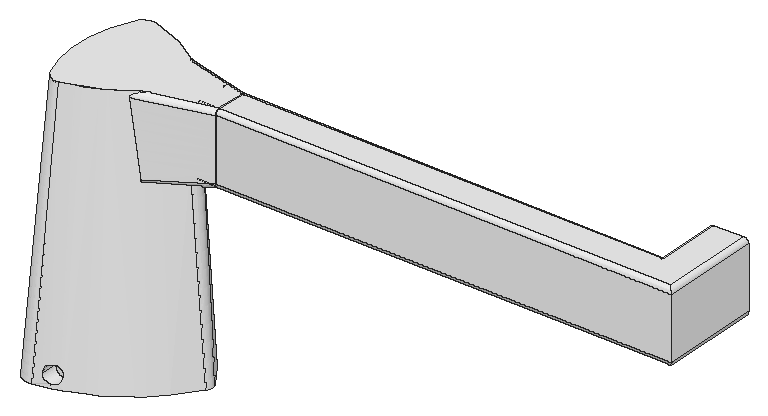
Revit family "FG774500-SUP473283-Chrome", category Generic Models, host Face, Revit 2013
Parameters (values of type "FG774500-SUP473283-Chrome")
  Unit = Metal - Chrome
  URL = "www.deltafaucet.com"
  Model = "FG774500"  # constant formula
  Manufacturer = "Delta"  # constant formula
  Description = "FG774500-SUP473283-Chrome"
  Default Elevation = 1524.00 mm
Reference planes
  plane 1 "Center (Front/Back)": y = 0
  plane 2: z = 0
  plane 3 "Center (Left/Right)": x = 0
Dimensions and locks
  aligned and locked: plane 2 to host face
  aligned and locked: level to host face
Nested families
  nested 1: "FG774500-SUP473283" at (0, 0, 0), type "FG77418-SUP413763"
Definition of nested family "FG774500-SUP473283"
  Parameters (values of type "FG77418-SUP413763")
    Unit = none
    URL = "www.deltafaucet.com"
    Model = "FG77418"  # constant formula
    Manufacturer = "Delta"  # constant formula
    Description = "FG77418-SUP413763"
    Default Elevation = 1524.00 mm
  Reference planes
    plane 1 "Center (Front/Back)": y = 0
    plane 2: z = 0
    plane 3 "Center (Left/Right)": x = 0
  Forms (mm)
    Extrusion 1, solid
      sketch origin (0, 0, 0) x (1, 0, 0) y (0, 1, 0)
        loop
          line (-1219.2, 1219.2) -> (-1219.2, -1219.2) -> (1219.2, -1219.2) -> (1219.2, 1219.2) -> (-1219.2, 1219.2)
      from 0 to -304.8
  Dimensions and locks
    aligned and locked: plane 2 to Extrusion 1
    aligned and locked: level to Extrusion 1
    aligned and locked: plane 1 "Center (Front/Back)" to nested 1
    aligned and locked: plane 3 "Center (Left/Right)" to nested 1
    aligned and locked: nested 1 to level
  Nested families
    nested 1: "FG77418" at (0, 0, 0), type "FG77418"
  Definition of nested family "FG77418"
    Parameters (values of type "FG77418")
      Finish = none
    Reference planes
      plane 1 "Center (Front/Back)": y = 0
      plane 2: z = 0
      plane 3 "Center (Left/Right)": x = 0
      plane 4: through (0, 368.198, 229.941) normal (0, -0.7071, 0.7071)
    Forms (mm)
      Blend 1, solid, material <- "Finish"
        base sketch origin (558.8, 0, 0) x (-1, 0, 0) y (0, -1, 0)
          loop
            arc (607.031, -61.197) -> (630.54, -0.043) -> (607.214, 61.181) r 91.653
            arc (607.214, 61.181) -> (601.613, 64.949) -> (594.892, 65.583) r 13.692
            arc (594.892, 65.583) -> (543.197, 45.186) -> (505.178, 4.651) r 126.878
            arc (505.178, 4.651) -> (503.91, 0) -> (505.178, -4.651) r 9.16
            arc (505.178, -4.651) -> (543.133, -45.142) -> (594.738, -65.559) r 126.878
            arc (594.738, -65.559) -> (601.439, -64.938) -> (607.031, -61.197) r 13.672
        top sketch origin (558.8, 0, 0) x (-1, 0, 0) y (0, -1, 0)
          loop
            arc (598.652, -42.544) -> (608.267, 0.015) -> (598.676, 42.58) r 99.124
            arc (598.676, 42.58) -> (593.792, 47.418) -> (586.944, 48.02) r 10.12
            arc (586.944, 48.02) -> (550.237, 32.316) -> (519.57, 6.754) r 137.862
            arc (519.57, 6.754) -> (516.987, 0) -> (519.57, -6.754) r 10.12
            arc (519.57, -6.754) -> (550.204, -32.296) -> (586.868, -48) r 137.862
            arc (586.868, -48) -> (593.745, -47.4) -> (598.652, -42.544) r 10.162
        from 0 to 209.677
      Blend 2, solid, material <- "Finish"
        base sketch origin (558.8, 0, 0) x (0, 1, 0) y (0, 0, -1)
          loop
            arc (35.226, -209.677) -> (39.014, -208.136) -> (40.65, -204.388) r 5.425
            line (40.65, -204.388) -> (42.272, -140.007)
            arc (42.272, -140.007) -> (0, -147.543) -> (-42.272, -140.007) r 122.325
            line (-42.272, -140.007) -> (-40.65, -204.357)
            arc (-40.65, -204.357) -> (-39.005, -208.127) -> (-35.195, -209.677) r 5.457
            line (-35.195, -209.677) -> (35.226, -209.677)
        top sketch origin (558.8, 0, 0) x (0, 1, 0) y (0, 0, -1)
          loop
            arc (15.24, -157.463) -> (14.174, -154.889) -> (11.599, -153.822) r 3.641
            line (11.599, -153.822) -> (-11.569, -153.822)
            arc (-11.569, -153.822) -> (-14.165, -154.898) -> (-15.24, -157.493) r 3.671
            line (-15.24, -157.493) -> (-15.24, -205.997)
            arc (-15.24, -205.997) -> (-14.162, -208.599) -> (-11.56, -209.677) r 3.68
            line (-11.56, -209.677) -> (11.569, -209.677)
            arc (11.569, -209.677) -> (14.165, -208.602) -> (15.24, -206.006) r 3.671
            line (15.24, -206.006) -> (15.24, -157.463)
        from 587.627 to 488.709
      Extrusion 3, void
        sketch origin (558.8, 0, 0) x (-1, 0, 0) y (0, 0, -1)
          loop
            circle (580.663, -9.583) r 6.998
        from 50.945 to 66.282
      Sweep 4, solid, material <- "Finish"
        path origin (0, 0, 0) x (1, 0, 0) y (0, 1, 0)
          loop
            line (55.01, 0) -> (416.96, 0) -> (414.726, 63.968)
        profile origin (235.985, 0, 0) x (0, 1, 0) y (0, 0, 1)
          loop
            line (11.569, 209.677) -> (-11.569, 209.677)
            arc (-11.569, 209.677) -> (-14.165, 208.602) -> (-15.24, 206.006) r 3.671
            line (-15.24, 206.006) -> (-15.24, 157.493)
            arc (-15.24, 157.493) -> (-14.165, 154.898) -> (-11.569, 153.822) r 3.671
            line (-11.569, 153.822) -> (11.573, 153.822)
            arc (11.573, 153.822) -> (14.166, 154.897) -> (15.24, 157.49) r 3.667
            line (15.24, 157.49) -> (15.24, 206.006)
            arc (15.24, 206.006) -> (14.165, 208.602) -> (11.569, 209.677) r 3.671
    Cuts and joins
      Extrusion 3 cuts Blend 1
      joined: Blend 1, Blend 2
